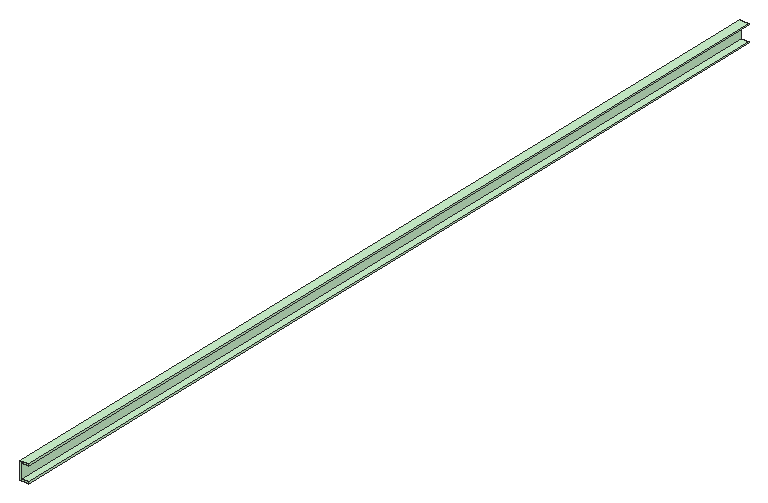
Revit family "WB-19", category 機械設備, Revit 2020
Family settings
  丸型コネクタ寸法 = 直径を使用
  種別 = なし
  パーツ タイプ = 標準
  作業面ベース = いいえ
  常に垂直 = はい
  ロード時にボイドで切り取り = いいえ
  共有 = いいえ
  部屋計算ポイント = いいえ
Parameters
  製造元 = "株式会社桐井製作所"
  既定の高さ = 0 mm
  URL = "https://www.kirii.co.jp/"
  K_長さ(mm) [instance] = 1000 mm
  K_材質 = "SGCCまたはSGHC一般用"
  K_断面積A(mm2) = 41.4
  K_断面係数Zy(mm3) = 225.7
  K_断面係数Zx(mm3) = 57.5
  K_断面2次半径iy(mm) = 7.2
  K_断面2次半径ix(mm) = 3.1
  K_断面2次モーメントIy(mm4) = 2145
  K_断面2次モーメントIx(mm4) = 392.5
  K_外形寸法(mm) = "19×10×1.2"
  K_品名 = "WB-19"
  K_名称 = "振れ止め"
  K_単位質量(kg/個) = 0.332
  K_ヤング係数E(N/mm2) = 205000
  K_バージョン情報 = "20210524"
  K_めっき付着量 = "Z12"
  K_JIS規格 = "JIS G 3302"
  K_JIS外 [instance] = not(K_JIS)  # no
  K_JIS [instance] = yes
Reference planes
  plane 1 "中心(正面/背面)": y = 0
  plane 2: z = 0
  plane 3 "中心(左/右)": x = 0
  plane 4: y = 1000
  plane 5: z = 19
Forms (mm)
  Extrusion 1, solid
    sketch origin (12, 0, 0) x (1, 0, 0) y (0, 0, 1)
      loop
        line (-2, 19) -> (-12, 19) -> (-12, 0) -> (-2, 0) -> (-2, 1.2) -> (-10.8, 1.2) -> (-10.8, 17.8) -> (-2, 17.8) -> (-2, 19)
    from 0 to -1000
Dimensions and locks
  "K_長さ(mm)": plane 1 "中心(正面/背面)" to plane 4
  aligned and locked: level to plane 2
  aligned and locked: Extrusion 1 to plane 4
Automatic sketch dimensions
  Extrusion 1 sketch curve to plane 3 "中心(左/右)" = 0 mm
  Extrusion 1 sketch curve to plane 5 = 0 mm
  Extrusion 1 sketch curve to level = 0 mm
  level to Extrusion 1 sketch curve = 1.2 mm
  plane 3 "中心(左/右)" to Extrusion 1 sketch curve = 1.2 mm
  Extrusion 1 sketch curve to Extrusion 1 sketch curve = 1.2 mm
  Extrusion 1 sketch curve to Extrusion 1 sketch curve = 8.8 mm  (x2)
